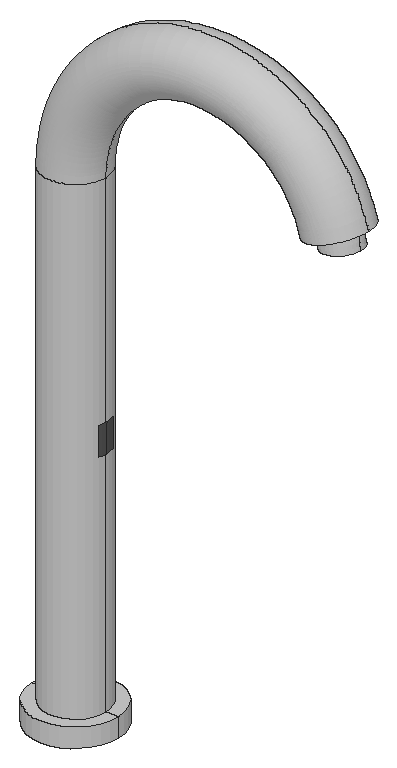
Revit family "SILVER DECK MOUNTED SENSOR TAP INFRARED SENSOR_IN", category Generic Models, Revit 2017
Family settings
  Can host rebar = No
  Round Connector Dimension = Use Diameter
  Part Type = Normal
  Work Plane-Based = No
  Always vertical = Yes
  Cut with Voids When Loaded = No
  Shared = No
  Room Calculation Point = No
Parameters
  Website = "https://dolphy.in/"  # constant formula
  Model = "DAST0015"  # constant formula
  Contact number = "+91 9520202035"  # constant formula
  Contact email = "info@dolphy.in"  # constant formula
  Company name = "Dolphy India"  # constant formula
Reference planes
  plane 1 "Center (Front/Back)": y = 0
  plane 2: z = 0
  plane 3 "Center (Left/Right)": x = 0
Forms (mm)
  Revolve 1, solid, material "Silver"
    sketch origin (0, 0, 0) x (1, 0, 0) y (0, 0, 1)
      loop
        line (0, 0) -> (22.5, 0) -> (22.5, 10) -> (0, 10) -> (0, 0)
      axis (0, 10) -> (0, 0)
    angle from 0 to 360
  Sweep 2, solid, material "Silver"
    path origin (0, 0, 0) x (1, 0, 0) y (0, 0, 1)
      loop
        line (0, 10) -> (0, 260)
        spline (0, 260) -> (2.978, 279.66) -> (8.847, 293.769) -> (17.945, 306.5) -> (31.15, 317.886) -> (44.238, 324.732) -> (59.562, 328.866) -> (76.16, 329.213) -> (92.713, 325.885) -> (107.304, 318.826) -> (119.467, 309.401) -> (129.248, 297.04) -> (137.615, 278.117)
    profile origin (0, 0, 135) x (-1, 0, 0) y (0, -1, 0)
      loop
        circle (0, 0) r 16
  Sweep 3, solid, material "Silver"
    path origin (0, 0, 0) x (1, 0, 0) y (0, 0, 1)
      loop
        spline (135.029, 285.909) -> (136.15, 283.125) -> (136.743, 281.586) -> (137.062, 280.682) -> (137.321, 279.9) -> (137.566, 279.114) -> (137.799, 278.312) -> (138.001, 277.58) -> (138.153, 276.99) -> (138.312, 276.316) -> (138.554, 275.243) -> (138.89, 273.552) -> (139.276, 271.095)
    profile origin (137.799, 0, 278.312) x (0.962339, 0, 0.271852) y (0, -1, 0)
      loop
        circle (-0.134, 0) r 10
  Extrusion 4, solid, material "BLACK"
    sketch origin (-0.625, 0, 0) x (1, 0, 0) y (0, 1, 0)
      loop
        arc (15.535, 3.827) -> (15.883, 1.928) -> (16, 0) r 16
        arc (16, 0) -> (15.883, -1.928) -> (15.535, -3.827) r 16
        line (15.535, -3.827) -> (16.353, -4.645)
        arc (16.353, -4.645) -> (16.837, -2.345) -> (17, 0) r 17
        arc (17, 0) -> (16.837, 2.345) -> (16.353, 4.645) r 17
        line (16.353, 4.645) -> (15.535, 3.827)
    from 130.994 to 145.561
Cuts and joins
  joined: Revolve 1, Sweep 2, Sweep 3
Dimensions and locks
  Revolve 1 sketch curve to Revolve 1 sketch curve = 22.5 mm
  Revolve 1 sketch curve to Revolve 1 sketch curve = 10 mm
  aligned and locked: level to plane 2
  aligned and locked: Revolve 1 sketch curve to level
  aligned and locked: Revolve 1 sketch curve to plane 3 "Center (Left/Right)"
Automatic sketch dimensions
  Revolve 1 sketch curve to plane 3 "Center (Left/Right)" = 0 mm
  Revolve 1 sketch curve to level = 366.045 mm
  Revolve 1 sketch curve to Revolve 1 sketch curve = 2204.315 mm
  plane 3 "Center (Left/Right)" to Sweep 2 sketch curve = 0 mm
  level to Sweep 2 sketch curve = 260 mm
  plane 3 "Center (Left/Right)" to Sweep 2 sketch curve = 137.615 mm
  level to Sweep 2 sketch curve = 10 mm
  Sweep 2 sketch curve to Sweep 2 sketch curve = 18.117 mm
  plane 1 "Center (Front/Back)" to Sweep 2 sketch curve = 0 mm
  Sweep 2 sketch curve to profile plane = 0 mm
  Sweep 3 sketch curve to plane 1 "Center (Front/Back)" = 0 mm
  profile plane to Sweep 3 sketch curve = 0.134 mm
  plane 3 "Center (Left/Right)" to Sweep 3 sketch curve = 135.029 mm
  level to Sweep 3 sketch curve = 271.095 mm
  Sweep 3 sketch curve to Sweep 3 sketch curve = 4.248 mm
  Sweep 3 sketch curve to Sweep 3 sketch curve = 14.814 mm
  Extrusion 4 sketch curve to Extrusion 4 sketch curve = 0 mm  (x4)
  plane 1 "Center (Front/Back)" to Extrusion 4 sketch curve = 0 mm
  Extrusion 4 sketch curve to plane 3 "Center (Left/Right)" = 0.625 mm
  plane 1 "Center (Front/Back)" to Extrusion 4 sketch curve = 3.827 mm
  plane 3 "Center (Left/Right)" to Extrusion 4 sketch curve = 14.91 mm
  Extrusion 4 sketch curve to plane 1 "Center (Front/Back)" = 3.827 mm
  Extrusion 4 sketch curve to Extrusion 4 sketch curve = 0.818 mm  (x2)
  plane 1 "Center (Front/Back)" to Extrusion 4 sketch curve = 4.645 mm
  radius of Sweep 2 sketch curve = 16 mm
  radius of Sweep 3 sketch curve = 10 mm
